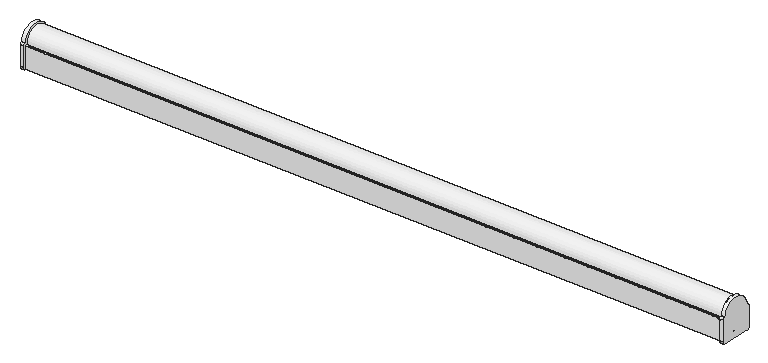
Revit family "0045186 Feilo Sylvania Lighting Fixture SYLBATTEN LED4 6000K TP3", category Lighting Fixtures, host Face, Revit 2017
Family settings
  Host = Face
  Round Connector Dimension = Use Diameter
  Part Type = Normal
  OmniClass Number = 23.80.70.00
  OmniClass Title = Lighting
  Cut with Voids When Loaded = No
  Light Source = Yes
  Shared = No
  Room Calculation Point = No
Parameters (values of type "0045186 SYLBATTEN LED4 6000K TP3")
  Width_FEILO = 66 mm
  Weight = "3.17 kg"
  Wattage Comments = "n/a"
  Wattage = 39 W
  WarrantyStartDate [instance] = "n/a"
  WarrantyGuarantorParts = "n/a"
  WarrantyDurationUnit = "n/a"
  WarrantyDurationParts = "n/a"
  WarrantyDescription = "n/a"
  built-in parameter 1150110 = 1 (stored number, unit not read)
  Voltage = 230 V
  URL = "http://www.sylvania-lighting.com"
  TypeName = "SYLBATTEN LED4 6000K TP3"
  Type Image = <None>
  Type Comments = "n/a"
  built-in parameter 1114217 = 1 (stored number, unit not read)
  Tilt Angle = -90.00°
  built-in parameter 1150109 = 1 (stored number, unit not read)
  built-in parameter 1150134 = 5
  SymReflector_FEILO = no
  built-in parameter 1150113 = 1 (stored number, unit not read)
  SerialNumber [instance] = "n/a"
  PowerFactor = 0
  PowerConsumption = "39 W"
  Photometric Web File = "0045186.ies"
  NominalLength = 1505 mm
  NominalHeight = 76 mm
  NominalDepth = 66 mm
  Name = "SYLBATTEN LED4 6000K TP3"
  ModelReference = Name  # "SYLBATTEN LED4 6000K TP3"
  ModelNumber = "0045186"
  Model = Name  # "SYLBATTEN LED4 6000K TP3"
  Material_4_FEILO = Reflector-Sylvania-Sylbatten-White
  Material_3_FEILO = Diffuser-Sylvania-Sylbatten-Glow
  Material_2_FEILO = Body-Sylvania-Sylbatten-White
  Material_1_FEILO = Body-Sylvania-Sylbatten-White
  Material = "sheet steel housing, polycarbonate diffuser"
  ManufacturerName = "Feilo Sylvania"
  Manufacturer = "Feilo Sylvania"
  LuminousEfficacy = "112.2 lm/W"
  built-in parameter 1150105 = 348.31 (stored number, unit not read)
  Lumens = 4376.97 lm
  LuminaireType = ""
  built-in parameter 1150115 = 1 (stored number, unit not read)
  LightOutputRatio = "100"
  built-in parameter 1150137 = (empty or 0)
  built-in parameter 1150139 = (empty or 0)
  Length_FEILO = 1505 mm
  LampsType = Lamp  # "LED"
  LampNominalLuminous = "4377 lm"
  LampMacAdamStep = "n/a"
  LampColourTemperature = "6000 K"
  LampColourRenderingIndex = "80"
  built-in parameter 1150112 = 1 (stored number, unit not read)
  built-in parameter 1150114 = 1 (stored number, unit not read)
  Lamp = "LED"
  Keynote = "16500"
  InstallationDate [instance] = "n/a"
  InputVoltage = "220-240V~"
  InputNominalFrequency = "n/a"
  built-in parameter 1150132 = (empty or 0)
  built-in parameter 1150102 = (empty or 0)
  built-in parameter 1150107 = 6000 (stored number, unit not read)
  built-in parameter 1150138 = (empty or 0)
  IngressProtection = "IP20"
  ImpactProtectionIndex = "IK07"
  built-in parameter 1150106 = 3.4831 (stored number, unit not read)
  IfcExportType = "IfcLightFixtureType"
  IfcExportAs = "IfcLightFixtureType"
  Height_FEILO = 76 mm
  ExpectedLife = 50000
  Emit from Rectangle Width = Length_FEILO - 16 mm  # 1489 mm
  Emit from Rectangle Length = Width_FEILO - 40 mm  # 26 mm
  Emit Shape Visible in Rendering = no
  ElectricShockClassification = "Class I"
  built-in parameter 1150104 = 10.427 (stored number, unit not read)
  DurationUnit = "hours"
  DocumentationLiterature = "http://www.sylvania-lighting.com/product/en-int/products/0045186"
  DimmingControlOptions = "n/a"
  Dimming Lamp Color Temperature Shift = <None>
  Description = "LED batten, T8 replacement, ease of installation through 2 part push-in design of the housing (safety cable included), through wiring capability (TP3 = 3 core), sheet steel, 4377M, 39W, 112m/W, 6000K, drive current: 350mA, CRI 80, 138° wide beam angle, electronic driver (non dimmable), IP20, IK07, 50,000 hrs (L70), (LxWxH) 1505x66x76mm, 5 step MacAdam ellipse, 3.7kg, white RAL 9016, Class 1, 220-240V, energy class: A++, A+, A."
  Default Elevation = 1219.2 mm
  CreatedOn = "1/25/2018"
  CreatedBy = ""
  Cost = 0
  Color Filter = 16777215
  built-in parameter 1114216 [instance] = (empty or 0)
  ClassificationValue = "EF_70_80"
  ClassificationName = "Uniclass2015"
  CapOffset_FEILO = 2 mm
  BarCode [instance] = "n/a"
  built-in parameter 1114218 = 1 (stored number, unit not read)
  BackReflector_FEILO = and(not(AsymReflector_FEILO), SymReflector_FEILO)  # no
  built-in parameter 1150133 = 10 (stored number, unit not read)
  FrontReflector_FEILO = or(AsymReflector_FEILO, SymReflector_FEILO)  # no
  AsymReflector_FEILO = no
  AssetType = "Fixed"
  AssetIdentifier [instance] = "n/a"
  Assembly Code = "D5020200"
  Apparent Load = 39 VA
Reference planes
  plane 1 "Center (Front/Back)": y = 0
  plane 2: z = 0
  plane 3 "Center (Left/Right)": x = 0
  plane 4: x = 752.5
  plane 5: x = -752.5
  plane 6: y = 33
  plane 7: y = -33
  plane 8: z = 76
  plane 9: z = 47
  plane 10: y = -29
  plane 11: y = 29
  plane 12: z = 20
  plane 13: z = 74
  plane 14: y = -31
  plane 15: y = -27
  plane 16: y = 27
  plane 17: y = 31
  plane 18: z = 2
  plane 19: x = -744.5
  plane 20: x = 744.5
  plane 21: z = 49
  plane 22: y = 1
  plane 23: y = -1
  plane 24: z = 21
  plane 25: z = 19
  plane 26: y = -61
  plane 27: y = 61
  plane 28: y = -56
  plane 29: y = 56
  plane 30: z = 91
  plane 31: z = 88
Forms (mm)
  Extrusion 1, solid, material "Body-Sylvania-Sylbatten-White" <- "Material_2_FEILO"
    sketch origin (0, 0, 0) x (0, 1, 0) y (0, 0, 1)
      loop
        line (-31, 2) -> (31, 2) -> (31, 45)
        arc (31, 45) -> (30.414, 46.414) -> (29, 47) r 2
        line (29, 47) -> (27, 47)
        arc (27, 47) -> (0, 74) -> (-27, 47) r 27
        line (-27, 47) -> (-29, 47)
        arc (-29, 47) -> (-30.414, 46.414) -> (-31, 45) r 2
        line (-31, 45) -> (-31, 2)
    from -744.5 to 744.5
  Extrusion 2, solid, material "Body-Sylvania-Sylbatten-White" <- "Material_2_FEILO"
    sketch origin (752.5, 1524, 1219.2) x (0, 1, 0) y (0, 0, 1)
      loop
        arc (-1494, -1219.2) -> (-1491.879, -1218.321) -> (-1491, -1216.2) r 3
        line (-1491, -1216.2) -> (-1491, -1173.2)
        arc (-1491, -1173.2) -> (-1491.879, -1171.079) -> (-1494, -1170.2) r 3
        line (-1494, -1170.2) -> (-1495.069, -1170.2)
        arc (-1495.069, -1170.2) -> (-1524, -1143.2) -> (-1552.931, -1170.2) r 29
        line (-1552.931, -1170.2) -> (-1554, -1170.2)
        arc (-1554, -1170.2) -> (-1556.121, -1171.079) -> (-1557, -1173.2) r 3
        line (-1557, -1173.2) -> (-1557, -1216.2)
        arc (-1557, -1216.2) -> (-1556.121, -1218.321) -> (-1554, -1219.2) r 3
        line (-1554, -1219.2) -> (-1494, -1219.2)
      loop
        arc (-1525, -1189.25) -> (-1531.071, -1192.129) -> (-1533.95, -1198.2) r 10
        line (-1533.95, -1198.2) -> (-1532.944, -1198.2)
        arc (-1532.944, -1198.2) -> (-1530.364, -1192.836) -> (-1525, -1190.256) r 9
        line (-1525, -1190.256) -> (-1525, -1189.25)
      loop
        arc (-1523, -1190.256) -> (-1517.636, -1192.836) -> (-1515.056, -1198.2) r 9
        line (-1515.056, -1198.2) -> (-1514.05, -1198.2)
        arc (-1514.05, -1198.2) -> (-1516.929, -1192.129) -> (-1523, -1189.25) r 10
        line (-1523, -1189.25) -> (-1523, -1190.256)
      loop
        line (-1532.944, -1200.2) -> (-1533.95, -1200.2)
        arc (-1533.95, -1200.2) -> (-1531.071, -1206.271) -> (-1525, -1209.15) r 10
        line (-1525, -1209.15) -> (-1525, -1208.144)
        arc (-1525, -1208.144) -> (-1530.364, -1205.564) -> (-1532.944, -1200.2) r 9
      loop
        arc (-1515.056, -1200.2) -> (-1517.636, -1205.564) -> (-1523, -1208.144) r 9
        line (-1523, -1208.144) -> (-1523, -1209.15)
        arc (-1523, -1209.15) -> (-1516.929, -1206.271) -> (-1514.05, -1200.2) r 10
        line (-1514.05, -1200.2) -> (-1515.056, -1200.2)
    from 0 to -8
  Extrusion 3, solid, material "Body-Sylvania-Sylbatten-White" <- "Material_2_FEILO"
    sketch origin (-752.5, 1524, 1219.2) x (0, 1, 0) y (0, 0, 1)
      loop
        arc (-1495.069, -1170.2) -> (-1524, -1143.2) -> (-1552.931, -1170.2) r 29
        line (-1552.931, -1170.2) -> (-1554, -1170.2)
        arc (-1554, -1170.2) -> (-1556.121, -1171.079) -> (-1557, -1173.2) r 3
        line (-1557, -1173.2) -> (-1557, -1216.2)
        arc (-1557, -1216.2) -> (-1556.121, -1218.321) -> (-1554, -1219.2) r 3
        line (-1554, -1219.2) -> (-1494, -1219.2)
        arc (-1494, -1219.2) -> (-1491.879, -1218.321) -> (-1491, -1216.2) r 3
        line (-1491, -1216.2) -> (-1491, -1173.2)
        arc (-1491, -1173.2) -> (-1491.879, -1171.079) -> (-1494, -1170.2) r 3
        line (-1494, -1170.2) -> (-1495.069, -1170.2)
      loop
        line (-1533.95, -1198.2) -> (-1532.944, -1198.2)
        arc (-1532.944, -1198.2) -> (-1530.364, -1192.836) -> (-1525, -1190.256) r 9
        line (-1525, -1190.256) -> (-1525, -1189.25)
        arc (-1525, -1189.25) -> (-1531.071, -1192.129) -> (-1533.95, -1198.2) r 10
      loop
        line (-1523, -1189.25) -> (-1523, -1190.256)
        arc (-1523, -1190.256) -> (-1517.636, -1192.836) -> (-1515.056, -1198.2) r 9
        line (-1515.056, -1198.2) -> (-1514.05, -1198.2)
        arc (-1514.05, -1198.2) -> (-1516.929, -1192.129) -> (-1523, -1189.25) r 10
      loop
        line (-1514.05, -1200.2) -> (-1515.056, -1200.2)
        arc (-1515.056, -1200.2) -> (-1517.636, -1205.564) -> (-1523, -1208.144) r 9
        line (-1523, -1208.144) -> (-1523, -1209.15)
        arc (-1523, -1209.15) -> (-1516.929, -1206.271) -> (-1514.05, -1200.2) r 10
      loop
        line (-1525, -1209.15) -> (-1525, -1208.144)
        arc (-1525, -1208.144) -> (-1530.364, -1205.564) -> (-1532.944, -1200.2) r 9
        line (-1532.944, -1200.2) -> (-1533.95, -1200.2)
        arc (-1533.95, -1200.2) -> (-1531.071, -1206.271) -> (-1525, -1209.15) r 10
    from 0 to 8
  Extrusion 4, solid, material "Reflector-Sylvania-Sylbatten-White" <- "Material_4_FEILO", visible <- "FrontReflector_FEILO"
    sketch origin (0, 0, 0) x (0, 1, 0) y (0, 0, 1)
      loop
        line (-61.257, 88.429) -> (-60.743, 87.571) -> (-56.621, 90.044)
        arc (-56.621, 90.044) -> (-56.237, 90.099) -> (-55.929, 89.863) r 0.5
        line (-55.929, 89.863) -> (-31.435, 46.753) -> (-30.565, 47.247) -> (-55.312, 90.802)
        arc (-55.312, 90.802) -> (-55.928, 91.275) -> (-56.696, 91.165) r 1
        line (-56.696, 91.165) -> (-61.257, 88.429)
    from -744.5 to 744.5
  Extrusion 5, solid, material "Reflector-Sylvania-Sylbatten-White" <- "Material_4_FEILO", visible <- "BackReflector_FEILO"
    sketch origin (0, 0, 0) x (0, 1, 0) y (0, 0, 1)
      loop
        line (30.565, 47.247) -> (31.435, 46.753) -> (55.932, 89.868)
        arc (55.932, 89.868) -> (56.245, 90.112) -> (56.638, 90.062) r 0.518
        line (56.638, 90.062) -> (61.033, 87.565) -> (61.527, 88.435) -> (56.682, 91.188)
        arc (56.682, 91.188) -> (55.922, 91.282) -> (55.318, 90.812) r 1
        line (55.318, 90.812) -> (30.565, 47.247)
    from -744.5 to 744.5
Lines and regions (mm)
  reference lines
    curve 1: line (0, -61, 88) -> (0, -56, 91)
    curve 2: line (0, -56, 91) -> (0, -31, 47)
    curve 3: line (0, 31, 47) -> (0, 56, 91)
    curve 4: line (0, 56, 91) -> (0, 61.28, 88)
Dimensions and locks
  equal spacing: plane 5, plane 3 "Center (Left/Right)", plane 4
  equal spacing: plane 7, plane 1 "Center (Front/Back)", plane 6
  "Width_FEILO": plane 7 to plane 6
  "Length_FEILO": plane 5 to plane 4
  "Height_FEILO": plane 8 to plane 2
  locked: plane 9 to plane 8 at 29
  equal spacing: plane 10, plane 1 "Center (Front/Back)", plane 11
  locked: plane 7 to plane 10 at 4
  locked: plane 12 to plane 2 at 20
  "CapOffset_FEILO": plane 13 to plane 8
  "CapOffset_FEILO": plane 7 to plane 14
  "CapOffset_FEILO": plane 10 to plane 15
  "CapOffset_FEILO": plane 17 to plane 6
  "CapOffset_FEILO": plane 16 to plane 11
  "CapOffset_FEILO": plane 18 to plane 2
  locked: plane 14 to Extrusion 1 sketch curve at 2
  locked: Extrusion 1 sketch curve to plane 9 at 2  (x2)
  locked: plane 16 to Extrusion 1 sketch curve at 2
  equal spacing: plane 19, plane 3 "Center (Left/Right)", plane 20
  locked: plane 5 to plane 19 at 8
  "CapOffset_FEILO": plane 9 to plane 21
  locked: Extrusion 2 sketch curve to plane 2 at 47
  locked: Extrusion 1 sketch curve to plane 2 at 47
  locked: Extrusion 2 sketch curve to plane 2 at 3  (x2)
  locked: plane 7 to Extrusion 2 sketch curve at 3  (x2)
  locked: Extrusion 2 sketch curve to plane 6 at 3  (x2)
  locked: Extrusion 2 sketch curve to plane 21 at 3  (x2)
  equal spacing: plane 23, plane 1 "Center (Front/Back)", plane 22
  equal spacing: plane 25, plane 12, plane 24
  plane 30 to plane 31 to plane 2 = 3 mm locked, 88 mm locked
  plane 28 to plane 29 = 112 mm
  plane 26 to plane 27 = 122 mm
  aligned and locked: plane 2 to host face
  aligned and locked: level to host face
  aligned and locked: plane 18 to Extrusion 1 sketch curve
  aligned and locked: plane 14 to Extrusion 1 sketch curve
  aligned and locked: Extrusion 1 sketch curve to plane 9  (x2)
  aligned and locked: Extrusion 1 sketch curve to plane 17
  aligned and locked: plane 15 to Extrusion 1 sketch curve
  aligned and locked: plane 16 to Extrusion 1 sketch curve
  aligned and locked: plane 9 to Extrusion 1 sketch curve
  aligned and locked: plane 20 to Extrusion 1
  aligned and locked: level to Extrusion 2 sketch curve
  aligned and locked: Extrusion 2 sketch curve to plane 7
  aligned and locked: plane 21 to Extrusion 2 sketch curve
  aligned and locked: Extrusion 2 sketch curve to plane 21
  aligned and locked: plane 1 "Center (Front/Back)" to Extrusion 2 sketch curve  (x3)
  aligned and locked: Extrusion 2 to Extrusion 1
  aligned and locked: plane 4 to Extrusion 2
  aligned and locked: plane 12 to Extrusion 2 sketch curve  (x2)
  aligned and locked: Extrusion 2 sketch curve to plane 22
  aligned and locked: Extrusion 2 sketch curve to plane 23
  aligned and locked: Extrusion 2 sketch curve to plane 24
  aligned and locked: Extrusion 2 sketch curve to plane 25
  aligned and locked: plane 25 to Extrusion 2 sketch curve
  aligned and locked: plane 22 to Extrusion 2 sketch curve
  aligned and locked: plane 24 to Extrusion 2 sketch curve
  aligned and locked: plane 23 to Extrusion 2 sketch curve  (x2)
  aligned and locked: Extrusion 3 sketch curve to Extrusion 2  (x22)
  aligned and locked: Extrusion 3 to Extrusion 1
  aligned and locked: Extrusion 3 to plane 5
  aligned and locked: plane 19 to Extrusion 3
  aligned and locked: plane 31 to curve 1
  aligned and locked: plane 30 to curve 1
  aligned and locked: plane 14 to curve 2
  aligned and locked: plane 9 to curve 2
  aligned and locked: plane 17 to curve 3
  aligned and locked: plane 30 to curve 3
  aligned and locked: plane 31 to curve 4
  aligned and locked: Extrusion 4 sketch curve to curve 2
  aligned and locked: Extrusion 4 sketch curve to curve 1
  aligned and locked: Extrusion 4 to Extrusion 1
  aligned and locked: Extrusion 1 to Extrusion 4
  aligned and locked: imposter light to plane 1 "Center (Front/Back)"
  aligned and locked: imposter light to plane 3 "Center (Left/Right)"
  aligned and locked: imposter light to plane 13
  aligned and locked: Extrusion 5 sketch curve to curve 4
  aligned and locked: Extrusion 5 sketch curve to curve 3
  aligned and locked: Extrusion 1 to Extrusion 5
  aligned and locked: Extrusion 5 to Extrusion 1
Automatic sketch dimensions
  host sketch curve to host sketch curve = 2438.4 mm  (x2)
  Extrusion 2 sketch curve to Extrusion 2 sketch curve = 0 mm  (x14)
  Extrusion 2 sketch curve to plane 10 = 0.069 mm
  plane 23 to Extrusion 2 sketch curve = 8.95 mm
  Extrusion 2 sketch curve to Extrusion 2 sketch curve = 1.006 mm  (x4)
  Extrusion 2 sketch curve to plane 22 = 7.944 mm
  curve 1 to plane 26 = 0 mm
  curve 2 to plane 28 = 0 mm
  curve 4 to plane 29 = 0 mm
  plane 9 to curve 3 = 0 mm
  plane 26 to Extrusion 4 sketch curve = 0.257 mm
  Extrusion 4 sketch curve to plane 26 = 0.257 mm
  Extrusion 4 sketch curve to plane 30 = 0.165 mm
  plane 28 to Extrusion 4 sketch curve = 0.696 mm
  plane 28 to Extrusion 4 sketch curve = 0.621 mm
  plane 28 to Extrusion 4 sketch curve = 0.364 mm
  plane 28 to Extrusion 4 sketch curve = 0.182 mm
  Extrusion 4 sketch curve to plane 28 = 0.071 mm
  plane 30 to Extrusion 4 sketch curve = 0.198 mm
  Extrusion 4 sketch curve to plane 28 = 0.688 mm
  plane 9 to Extrusion 4 sketch curve = 0.247 mm
  plane 1 "Center (Front/Back)" to Extrusion 4 sketch curve = 31.435 mm
  Extrusion 5 sketch curve to plane 9 = 0.247 mm
  Extrusion 5 sketch curve to plane 1 "Center (Front/Back)" = 30.565 mm
  plane 9 to Extrusion 5 sketch curve = 0.247 mm
  plane 30 to Extrusion 5 sketch curve = 0.188 mm
  plane 29 to Extrusion 5 sketch curve = 0.068 mm
  Extrusion 5 sketch curve to plane 29 = 0.188 mm
  Extrusion 5 sketch curve to plane 29 = 0.382 mm
  Extrusion 5 sketch curve to Extrusion 5 sketch curve = 0.256 mm
  Extrusion 5 sketch curve to plane 30 = 0.188 mm
  Extrusion 5 sketch curve to plane 29 = 0.682 mm
  Extrusion 5 sketch curve to plane 27 = 0.033 mm
  Extrusion 5 sketch curve to plane 27 = 0.527 mm
Connectors
  electrical at (0, 0, 0), driven by "Apparent Load", driven by "PowerFactor", driven by "Voltage"
    settings: index 1, voltage 230 V, apparent load 39 VA, apparent load phase1 0 VA, apparent load phase2 0 VA, apparent load phase3 0 VA, power factor 0, load classification "Lighting", number of poles 1, system type 30, power factor state 1, is connector primary yes, connector utility no, sub classification motor no, connector description ""
